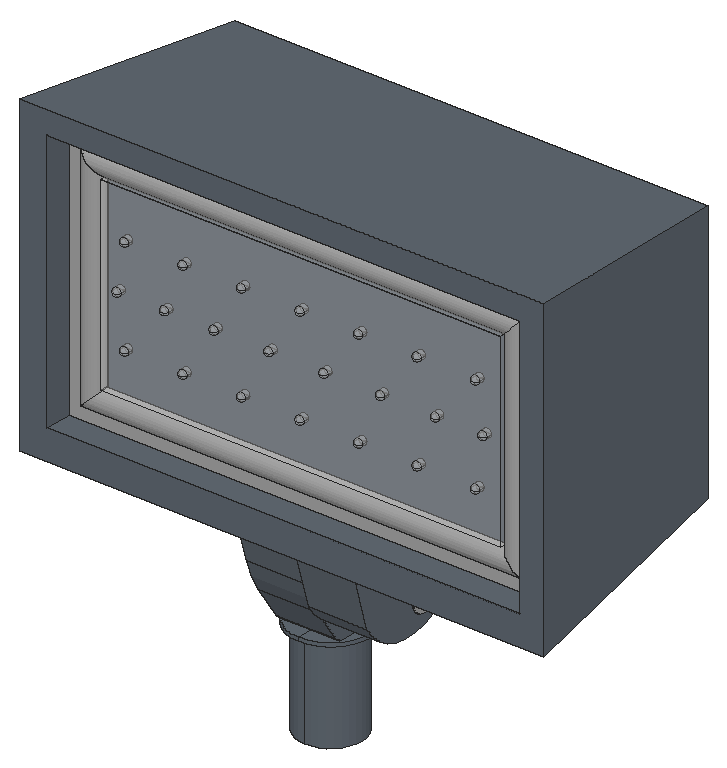
Revit family "RFL1", category Lighting Fixtures, host Face, Revit 2014
Parameters (values of type "RFL1")
  Width 1 = 5.000"
  Width = 11.630"
  Watts = 12.4 W
  Wattage Comments = "12.4W"
  Wattage = 12.4 W
  Warranty = "5 years Warranty"  # constant formula
  built-in parameter 1150110 = 1 (stored number, unit not read)
  Voltage = 120 V
  URL = "https://www.hubbell.com/hubbelllightingci/en"
  built-in parameter 1114217 = 1 (stored number, unit not read)
  Tilt Angle = 0.00°
  built-in parameter 1150109 = 1 (stored number, unit not read)
  built-in parameter 1150134 = 12
  built-in parameter 1150113 = 1 (stored number, unit not read)
  Screw = Metal-Hubbell-Gray
  Reflector Finish = Hubbell - White Glass
  Product Page URL = "https://www.hubbell.com/hubbelllightingci/en/Products/Lighting-Controls/Commercial-Outdoor-Lighting/Flood-Lighting/RFL1-Ratio-Floodlight/p/3236007#prod-photometry-section"
  Product Doucmentation Link = "https://hubbellcdn.com/specsheet/RATIO_FLOOD_RFL1_SPEC.pdf"
  Power Factor = 1
  Photometric Web File = "RFL1-4K.IES"
  Photometric Note = "For more ies file please find the above Photometric Web Link"
  Model = "RFL1"
  Manufacturer = "Hubbell Lighting"  # constant formula
  built-in parameter 1150105 = 101.64 (stored number, unit not read)
  Lumens = 1277.2 lm
  built-in parameter 1150115 = 1 (stored number, unit not read)
  Load Classification = Lighting
  built-in parameter 1150137 = (empty or 0)
  built-in parameter 1150139 = (empty or 0)
  Length = 26.380"
  built-in parameter 1150112 = 1 (stored number, unit not read)
  built-in parameter 1150114 = 1 (stored number, unit not read)
  Lamp = "LED"  # constant formula
  LED_Finish = Glass - Hubbell - White
  LED = RFL1 : RFL1
  built-in parameter 1150132 = (empty or 0)
  built-in parameter 1150102 = (empty or 0)
  built-in parameter 1150107 = 4000 (stored number, unit not read)
  built-in parameter 1150138 = (empty or 0)
  built-in parameter 1150106 = 1.0164 (stored number, unit not read)
  Housing Material = Paint - Hubbell - Carbon Black
  Features = "Lumen range from 2,000 to 4,000 lm\r\n• Color Temperature 3000K, 4000K, 5000K at\r\n70 and 80 CRI\r\n• Yoke and Threaded Knuckle mounting options.\r\n• 6 beam distributions and beam angles\r\nincluding: Narrow 17°x17°, Medium 28°x27°,\r\nMedium Flood 62°x61°, Wide 79°x64°,\r\nHorizontal 54°x22°, and Vertical 22°x54°.\r\n• IP66 sealed optical and driver chamber"  # constant formula
  built-in parameter 1150104 = 9.569 (stored number, unit not read)
  Dimming Lamp Color Temperature Shift = <None>
  Description = "Ultra compact LED flood with a variety of NEMA distributions for lighting applications such as safety/security, accent, flag pole, columns, or signs. The Ratio flood series was designed in cohesion with the site/area products to provide a sleek yet timeless product family to be used throughout a site. Ratio features a dense optical array which provides reduced pixelation and increased visual comfort without compromising performance."  # constant formula
  Default Elevation = 48.000"
  Create Date = "05/31/2019"  # constant formula
  Copyright = "© 2019 HUBBELL LIGHTING"  # constant formula
  Contact = "https://www.hubbell.com/hubbelllightingci/en/contactUs?productId=3236007"
  Connector Description = "Lighting Connector"  # constant formula
  Color Filter = 16777215
  built-in parameter 1114216 [instance] = (empty or 0)
  Certifications = "UL 1598 Standard for Luminaires,IP66 certified."  # constant formula
  built-in parameter 1114218 = 1 (stored number, unit not read)
  built-in parameter 1150133 = 10 (stored number, unit not read)
  Assembly Code = "D5020200"
  Apparent Load = Watts / Power Factor  # 12.4 VA
Reference planes (in)
  plane 1 "Center (Front/Back)": y = 0
  plane 2: z = 0
  plane 3 "Center (Left/Right)": x = 0
  plane 4: z = 5
Forms (in)
  Extrusion 1, solid, material "Paint - Hubbell - Carbon Black"
    sketch origin (0, 0, -1.95312) x (0, 1, 0) y (0, 0, 1)
      loop
        line (-0.34402, 3.12229) -> (-0.14802, 2.84236)
        arc (-0.14802, 2.84236) -> (-0.11318, 2.81181) -> (-0.06818, 2.8008) r 0.09746
        line (-0.06818, 2.8008) -> (0.31699, 2.8008)
        arc (0.31699, 2.8008) -> (0.38593, 2.8259) -> (0.42261, 2.88944) r 0.10726
        line (0.42261, 2.88944) -> (0.47742, 3.20028)
        arc (0.47742, 3.20028) -> (0.48924, 3.39353) -> (0.45729, 3.58449) r 0.85517
        line (0.45729, 3.58449) -> (0.4091, 3.75254)
        arc (0.4091, 3.75254) -> (-0.11642, 4.01915) -> (-0.53552, 3.60489) r 0.5039
        line (-0.53552, 3.60489) -> (-0.47719, 3.40148)
        arc (-0.47719, 3.40148) -> (-0.42221, 3.25635) -> (-0.34402, 3.12229) r 0.9371
    from -0.25 to 0.25
  Revolve 2, solid, material "Paint - Hubbell - Carbon Black" <- "Housing Material"
    sketch origin (0, 0, 0) x (0, 1, 0) y (0, 0, 1)
      loop
        line (0.10822, 0.84768) -> (0.10822, 0) -> (0.37934, 0) -> (0.37934, 0.81668) -> (0.44866, 0.81668) -> (0.44866, 0.84768) -> (0.10822, 0.84768)
      axis (0.10822, 0.84768) -> (0.10822, 0)
    angle from 0 to 360
  Revolve 3, solid, material "Metal-Hubbell-Gray" <- "Screw"
    sketch origin (0, 0, 1.26113) x (1, 0, 0) y (0, 1, 0)
      loop
        line (-0.26448, 0.19804) -> (-0.23348, 0.19804) -> (-0.23348, 0.1667) -> (0.72665, 0.1667) -> (0.72665, 0.19804) -> (0.75805, 0.19804) -> (0.75805, 0.29889) -> (0.719, 0.29889) -> (0.719, 0.26805) -> (-0.219, 0.26805) -> (-0.219, 0.29889) -> (-0.26448, 0.29889) -> (-0.26448, 0.19804)
      axis (-0.26448, 0.1667) -> (0.75805, 0.1667)
    angle from 0 to 360
  Revolve 4, solid, material "Glass - Hubbell - White" <- "LED_Finish"
    sketch origin (0, 0, 3.78125) x (1, 0, 0) y (0, 1, 0)
      loop
        line (-1.00296, -0.78985) -> (-1.00296, -0.87075)
        arc (-1.00296, -0.87075) -> (-0.97758, -0.86024) -> (-0.96707, -0.83486) r 0.03589
        line (-0.96707, -0.83486) -> (-0.96707, -0.78985) -> (-1.00296, -0.78985)
      axis (-1.00296, -0.78985) -> (-1.00296, -0.87075)
    angle from 0 to 360
  Revolve 5, solid, material "Glass - Hubbell - White" <- "LED_Finish"
    sketch origin (3, 0, 3.78125) x (1, 0, 0) y (0, 1, 0)
      loop
        line (-1.00296, -0.78985) -> (-1.00296, -0.87075)
        arc (-1.00296, -0.87075) -> (-0.97758, -0.86024) -> (-0.96707, -0.83486) r 0.03589
        line (-0.96707, -0.83486) -> (-0.96707, -0.78985) -> (-1.00296, -0.78985)
      axis (-1.00296, -0.78985) -> (-1.00296, -0.87075)
    angle from 0 to 360
  Revolve 6, solid, material "Glass - Hubbell - White" <- "LED_Finish"
    sketch origin (0.5, 0, 3.78125) x (1, 0, 0) y (0, 1, 0)
      loop
        line (-1.00296, -0.78985) -> (-1.00296, -0.87075)
        arc (-1.00296, -0.87075) -> (-0.97758, -0.86024) -> (-0.96707, -0.83486) r 0.03589
        line (-0.96707, -0.83486) -> (-0.96707, -0.78985) -> (-1.00296, -0.78985)
      axis (-1.00296, -0.78985) -> (-1.00296, -0.87075)
    angle from 0 to 360
  Revolve 7, solid, material "Glass - Hubbell - White" <- "LED_Finish"
    sketch origin (1, 0, 3.78125) x (1, 0, 0) y (0, 1, 0)
      loop
        line (-1.00296, -0.78985) -> (-1.00296, -0.87075)
        arc (-1.00296, -0.87075) -> (-0.97758, -0.86024) -> (-0.96707, -0.83486) r 0.03589
        line (-0.96707, -0.83486) -> (-0.96707, -0.78985) -> (-1.00296, -0.78985)
      axis (-1.00296, -0.78985) -> (-1.00296, -0.87075)
    angle from 0 to 360
  Revolve 8, solid, material "Glass - Hubbell - White" <- "LED_Finish"
    sketch origin (1.5, 0, 3.78125) x (1, 0, 0) y (0, 1, 0)
      loop
        line (-1.00296, -0.78985) -> (-1.00296, -0.87075)
        arc (-1.00296, -0.87075) -> (-0.97758, -0.86024) -> (-0.96707, -0.83486) r 0.03589
        line (-0.96707, -0.83486) -> (-0.96707, -0.78985) -> (-1.00296, -0.78985)
      axis (-1.00296, -0.78985) -> (-1.00296, -0.87075)
    angle from 0 to 360
  Revolve 9, solid, material "Glass - Hubbell - White" <- "LED_Finish"
    sketch origin (2, 0, 3.78125) x (1, 0, 0) y (0, 1, 0)
      loop
        line (-1.00296, -0.78985) -> (-1.00296, -0.87075)
        arc (-1.00296, -0.87075) -> (-0.97758, -0.86024) -> (-0.96707, -0.83486) r 0.03589
        line (-0.96707, -0.83486) -> (-0.96707, -0.78985) -> (-1.00296, -0.78985)
      axis (-1.00296, -0.78985) -> (-1.00296, -0.87075)
    angle from 0 to 360
  Revolve 10, solid, material "Glass - Hubbell - White" <- "LED_Finish"
    sketch origin (2.5, 0, 3.78125) x (1, 0, 0) y (0, 1, 0)
      loop
        line (-1.00296, -0.78985) -> (-1.00296, -0.87075)
        arc (-1.00296, -0.87075) -> (-0.97758, -0.86024) -> (-0.96707, -0.83486) r 0.03589
        line (-0.96707, -0.83486) -> (-0.96707, -0.78985) -> (-1.00296, -0.78985)
      axis (-1.00296, -0.78985) -> (-1.00296, -0.87075)
    angle from 0 to 360
  Revolve 11, solid, material "Glass - Hubbell - White" <- "LED_Finish"
    sketch origin (0, 0, 2.94723) x (0, -1, 0) y (1, 0, 0)
      loop
        line (0.78985, -1.00296) -> (0.87075, -1.00296)
        arc (0.87075, -1.00296) -> (0.86024, -0.97758) -> (0.83486, -0.96707) r 0.03589
        line (0.83486, -0.96707) -> (0.78985, -0.96707) -> (0.78985, -1.00296)
      axis (0.78985, -1.00296) -> (0.87075, -1.00296)
    angle from 0 to 360
  Revolve 12, solid, material "Glass - Hubbell - White" <- "LED_Finish"
    sketch origin (3, 0, 2.94723) x (0, -1, 0) y (1, 0, 0)
      loop
        line (0.78985, -1.00296) -> (0.87075, -1.00296)
        arc (0.87075, -1.00296) -> (0.86024, -0.97758) -> (0.83486, -0.96707) r 0.03589
        line (0.83486, -0.96707) -> (0.78985, -0.96707) -> (0.78985, -1.00296)
      axis (0.78985, -1.00296) -> (0.87075, -1.00296)
    angle from 0 to 360
  Revolve 13, solid, material "Glass - Hubbell - White" <- "LED_Finish"
    sketch origin (0.5, 0, 2.94723) x (0, -1, 0) y (1, 0, 0)
      loop
        line (0.78985, -1.00296) -> (0.87075, -1.00296)
        arc (0.87075, -1.00296) -> (0.86024, -0.97758) -> (0.83486, -0.96707) r 0.03589
        line (0.83486, -0.96707) -> (0.78985, -0.96707) -> (0.78985, -1.00296)
      axis (0.78985, -1.00296) -> (0.87075, -1.00296)
    angle from 0 to 360
  Revolve 14, solid, material "Glass - Hubbell - White" <- "LED_Finish"
    sketch origin (1, 0, 2.94723) x (0, -1, 0) y (1, 0, 0)
      loop
        line (0.78985, -1.00296) -> (0.87075, -1.00296)
        arc (0.87075, -1.00296) -> (0.86024, -0.97758) -> (0.83486, -0.96707) r 0.03589
        line (0.83486, -0.96707) -> (0.78985, -0.96707) -> (0.78985, -1.00296)
      axis (0.78985, -1.00296) -> (0.87075, -1.00296)
    angle from 0 to 360
  Revolve 15, solid, material "Glass - Hubbell - White" <- "LED_Finish"
    sketch origin (1.5, 0, 2.94723) x (0, -1, 0) y (1, 0, 0)
      loop
        line (0.78985, -1.00296) -> (0.87075, -1.00296)
        arc (0.87075, -1.00296) -> (0.86024, -0.97758) -> (0.83486, -0.96707) r 0.03589
        line (0.83486, -0.96707) -> (0.78985, -0.96707) -> (0.78985, -1.00296)
      axis (0.78985, -1.00296) -> (0.87075, -1.00296)
    angle from 0 to 360
  Revolve 16, solid, material "Glass - Hubbell - White" <- "LED_Finish"
    sketch origin (2, 0, 2.94723) x (0, -1, 0) y (1, 0, 0)
      loop
        line (0.78985, -1.00296) -> (0.87075, -1.00296)
        arc (0.87075, -1.00296) -> (0.86024, -0.97758) -> (0.83486, -0.96707) r 0.03589
        line (0.83486, -0.96707) -> (0.78985, -0.96707) -> (0.78985, -1.00296)
      axis (0.78985, -1.00296) -> (0.87075, -1.00296)
    angle from 0 to 360
  Revolve 17, solid, material "Glass - Hubbell - White" <- "LED_Finish"
    sketch origin (2.5, 0, 2.94723) x (0, -1, 0) y (1, 0, 0)
      loop
        line (0.78985, -1.00296) -> (0.87075, -1.00296)
        arc (0.87075, -1.00296) -> (0.86024, -0.97758) -> (0.83486, -0.96707) r 0.03589
        line (0.83486, -0.96707) -> (0.78985, -0.96707) -> (0.78985, -1.00296)
      axis (0.78985, -1.00296) -> (0.87075, -1.00296)
    angle from 0 to 360
  Revolve 18, solid, material "Glass - Hubbell - White" <- "LED_Finish"
    sketch origin (0.34375, 0, 3.37764) x (1, 0, 0) y (0, 1, 0)
      loop
        line (-1.00296, -0.78985) -> (-1.00296, -0.87075)
        arc (-1.00296, -0.87075) -> (-0.97758, -0.86024) -> (-0.96707, -0.83486) r 0.03589
        line (-0.96707, -0.83486) -> (-0.96707, -0.78985) -> (-1.00296, -0.78985)
      axis (-1.00296, -0.78985) -> (-1.00296, -0.87075)
    angle from 0 to 360
  Revolve 19, solid, material "Glass - Hubbell - White" <- "LED_Finish"
    sketch origin (3.0625, 0, 3.37764) x (1, 0, 0) y (0, 1, 0)
      loop
        line (-1.00296, -0.78985) -> (-1.00296, -0.87075)
        arc (-1.00296, -0.87075) -> (-0.97758, -0.86024) -> (-0.96707, -0.83486) r 0.03589
        line (-0.96707, -0.83486) -> (-0.96707, -0.78985) -> (-1.00296, -0.78985)
      axis (-1.00296, -0.78985) -> (-1.00296, -0.87075)
    angle from 0 to 360
  Revolve 20, solid, material "Glass - Hubbell - White" <- "LED_Finish"
    sketch origin (0.76563, 0, 3.37764) x (1, 0, 0) y (0, 1, 0)
      loop
        line (-1.00296, -0.78985) -> (-1.00296, -0.87075)
        arc (-1.00296, -0.87075) -> (-0.97758, -0.86024) -> (-0.96707, -0.83486) r 0.03589
        line (-0.96707, -0.83486) -> (-0.96707, -0.78985) -> (-1.00296, -0.78985)
      axis (-1.00296, -0.78985) -> (-1.00296, -0.87075)
    angle from 0 to 360
  Revolve 21, solid, material "Glass - Hubbell - White" <- "LED_Finish"
    sketch origin (1.23438, 0, 3.37764) x (1, 0, 0) y (0, 1, 0)
      loop
        line (-1.00296, -0.78985) -> (-1.00296, -0.87075)
        arc (-1.00296, -0.87075) -> (-0.97758, -0.86024) -> (-0.96707, -0.83486) r 0.03589
        line (-0.96707, -0.83486) -> (-0.96707, -0.78985) -> (-1.00296, -0.78985)
      axis (-1.00296, -0.78985) -> (-1.00296, -0.87075)
    angle from 0 to 360
  Revolve 22, solid, material "Glass - Hubbell - White" <- "LED_Finish"
    sketch origin (1.70313, 0, 3.37764) x (1, 0, 0) y (0, 1, 0)
      loop
        line (-1.00296, -0.78985) -> (-1.00296, -0.87075)
        arc (-1.00296, -0.87075) -> (-0.97758, -0.86024) -> (-0.96707, -0.83486) r 0.03589
        line (-0.96707, -0.83486) -> (-0.96707, -0.78985) -> (-1.00296, -0.78985)
      axis (-1.00296, -0.78985) -> (-1.00296, -0.87075)
    angle from 0 to 360
  Revolve 23, solid, material "Glass - Hubbell - White" <- "LED_Finish"
    sketch origin (2.1875, 0, 3.37764) x (1, 0, 0) y (0, 1, 0)
      loop
        line (-1.00296, -0.78985) -> (-1.00296, -0.87075)
        arc (-1.00296, -0.87075) -> (-0.97758, -0.86024) -> (-0.96707, -0.83486) r 0.03589
        line (-0.96707, -0.83486) -> (-0.96707, -0.78985) -> (-1.00296, -0.78985)
      axis (-1.00296, -0.78985) -> (-1.00296, -0.87075)
    angle from 0 to 360
  Revolve 24, solid, material "Glass - Hubbell - White" <- "LED_Finish"
    sketch origin (2.65625, 0, 3.37764) x (1, 0, 0) y (0, 1, 0)
      loop
        line (-1.00296, -0.78985) -> (-1.00296, -0.87075)
        arc (-1.00296, -0.87075) -> (-0.97758, -0.86024) -> (-0.96707, -0.83486) r 0.03589
        line (-0.96707, -0.83486) -> (-0.96707, -0.78985) -> (-1.00296, -0.78985)
      axis (-1.00296, -0.78985) -> (-1.00296, -0.87075)
    angle from 0 to 360
  Revolve 25, solid, material "Glass - Hubbell - White" <- "LED_Finish"
    sketch origin (-0.06329, 0, 3.37764) x (1, 0, 0) y (0, 1, 0)
      loop
        line (-1.00296, -0.78985) -> (-1.00296, -0.87075)
        arc (-1.00296, -0.87075) -> (-0.97758, -0.86024) -> (-0.96707, -0.83486) r 0.03589
        line (-0.96707, -0.83486) -> (-0.96707, -0.78985) -> (-1.00296, -0.78985)
      axis (-1.00296, -0.78985) -> (-1.00296, -0.87075)
    angle from 0 to 360
Dimensions and locks (in)
  plane 4 to plane 2 = 5.000"  (x2)
  aligned and locked: plane 2 to host face
  aligned and locked: level to host face
Nested families (in)
  nested 1: "RFL1" at (0.5, 0.73251, -0.31128) x (-1, 0, 0) z (0, 0, 1), type "RFL1"
Connectors (in)
  electrical at (0, 0.10822, 0), driven by "Voltage", driven by "Apparent Load", driven by "Connector Description", driven by "Load Classification"
    settings: on Revolve 2, index 1, voltage 120 V, apparent load 12.4 VA, apparent load phase1 0 VA, apparent load phase2 0 VA, apparent load phase3 0 VA, power factor 1, load classification "Lighting", number of poles 1, system type 30, power factor state 1, is connector primary yes, connector utility no, sub classification motor no, connector description "Lighting Connector"
Definition of nested family "RFL1"
  Parameters (values of type "RFL1")
    Width = 2.700"
    Length = 4.500"
    LED Base Plate = Glass - Hubbell - White
    LED = Glass - Hubbell - White
    Housing = Paint - Hubbell - Carbon Black
    Depth = 1.350"
    Case = Metal-Hubbell-Gray
    8L = yes
    16L = yes
  Types (2): name | Width | Length | Case | 16L
    KL-8LED | 7.000" | 8.760" | none | no
    RFL1 | 2.700" | 4.500" | Metal-Hubbell-Gray | yes
  Reference planes (in)
    plane 1 "Center (Front/Back)": y = 0
    plane 2: z = 0
    plane 3 "Center (Left/Right)": x = 0
    plane 4: x = 2.25
    plane 5: x = -2.25
    plane 6: y = 1.35
    plane 7: y = -1.35
    plane 8: z = 2.7
    plane 9: z = 5
  Forms (in)
    Extrusion 1, solid, material "Paint - Hubbell - Carbon Black" <- "Housing"
      sketch origin (0, -0.7416, -2.58449) x (0, 0.965926, 0.258819) y (0, -0.258819, 0.965926)
        loop
          arc (0.65874, 4.12703) -> (1.09219, 3.75167) -> (1.60949, 3.999) r 0.52327
          line (1.60949, 3.999) -> (1.59422, 4.81595) -> (0.64348, 4.94398) -> (0.65874, 4.12703)
      from -0.25 to 0.25
    Blend 2, solid, material "Paint - Hubbell - Carbon Black" <- "Housing"
      base sketch origin (0, 0, 2.3125) x (1, 0, 0) y (0, 0, 1)
        loop
          line (-2.21899, 0) -> (2.25, 0) -> (2.25, 2.7) -> (-2.21899, 2.7) -> (-2.21899, 0)
      top sketch origin (0, 0, 2.3125) x (1, 0, 0) y (0, 0, 1)
        loop
          line (-2.01899, 2.5) -> (-2.01899, 0.25729) -> (2.01899, 0.25729) -> (2.01899, 2.5) -> (-2.01899, 2.5)
      from 1.75 to -0.25
    Extrusion 3, void
      sketch origin (0, 0, 0) x (1, 0, 0) y (0, 0, 1)
        loop
          line (-2.01899, 4.8125) -> (-2.01899, 2.56979) -> (2.01899, 2.56979) -> (2.01899, 4.8125) -> (-2.01899, 4.8125)
      from 1.75 to 1.49135
    Sweep 4, solid, material "Metal-Hubbell-Gray" <- "Case"
      path origin (0, 0, 0) x (1, 0, 0) y (0, 0, 1)
        loop
          line (-1.81899, 4.6125) -> (-1.81899, 2.76979) -> (1.81899, 2.76979) -> (1.81899, 4.6125) -> (-1.81899, 4.6125)
      profile origin (0, 0, 4.6125) x (0, 0, 1) y (0, -1, 0)
        loop
          arc (0.0845, 1.52235) -> (-0.02688, 1.5907) -> (-0.11177, 1.49135) r 0.10058
          line (-0.11177, 1.49135) -> (0.19743, 1.49135) -> (0.19743, 1.52235) -> (0.0845, 1.52235)
    Extrusion 5, solid, material "Glass - Hubbell - White" <- "LED Base Plate"
      sketch origin (0, 0, 0) x (1, 0, 0) y (0, 0, 1)
        loop
          line (-1.70723, 4.50073) -> (-1.70723, 2.88155) -> (1.70723, 2.88155) -> (1.70723, 4.50073) -> (-1.70723, 4.50073)
      from 1.56737 to 1.49135
  Cuts and joins
    Extrusion 3 cuts Blend 2
  Dimensions and locks (in)
    "Length": plane 5 to plane 4
    "Width": plane 7 to plane 6
    equal spacing: plane 7, plane 1 "Center (Front/Back)", plane 6
    equal spacing: plane 5, plane 3 "Center (Left/Right)", plane 4
    "Width": plane 8 to plane 2
    plane 4 to plane 5 = 4.500"
    aligned and locked: plane 2 to level
  Automatic sketch dimensions
    Blend 2 sketch curve to plane 4 = 0.000"
    plane 5 to Blend 2 sketch curve = 0.03101"
    level to Blend 2 sketch curve = 2.3125"
    plane 8 to Blend 2 sketch curve = 2.3125"
    plane 5 to Blend 2 sketch curve = 0.23101"
    Blend 2 sketch curve to plane 4 = 0.23101"
    level to Blend 2 sketch curve = 2.56979"
    plane 8 to Blend 2 sketch curve = 2.1125"
    plane 7 to Extrusion 1 sketch curve = 0.04964"
    Extrusion 1 sketch curve to plane 8 = 0.34243"
    Extrusion 1 sketch curve to Extrusion 1 sketch curve = 0.51854"
    Extrusion 1 sketch curve to Extrusion 1 sketch curve = 0.67372"
    Extrusion 1 sketch curve to Extrusion 1 sketch curve = 0.50328"
    Extrusion 1 sketch curve to Extrusion 1 sketch curve = 0.4322"
    Extrusion 1 sketch curve to Extrusion 1 sketch curve = 0.44746"
    Extrusion 1 sketch curve to Extrusion 1 sketch curve = 0.54569"
    Extrusion 1 sketch curve to Extrusion 1 sketch curve = 0.14323"
    plane 5 to Extrusion 3 sketch curve = 0.23101"
    Extrusion 3 sketch curve to plane 4 = 0.23101"
    Extrusion 3 sketch curve to plane 8 = 0.13021"
    Extrusion 3 sketch curve to plane 9 = 0.1875"
    plane 8 to Sweep 4 sketch curve = 0.06979"
    plane 5 to Sweep 4 sketch curve = 0.43101"
    Sweep 4 sketch curve to plane 4 = 0.43101"
    Sweep 4 sketch curve to plane 9 = 0.3875"
    profile plane to Sweep 4 sketch curve = 0.01119"
    Sweep 4 sketch curve to Sweep 4 sketch curve = 0.11293"
    plane 1 "Center (Front/Back)" to Sweep 4 sketch curve = 1.49135"
    Sweep 4 sketch curve to Sweep 4 sketch curve = 0.10058"
    Sweep 4 sketch curve to Sweep 4 sketch curve = 0.031"
    plane 8 to Extrusion 5 sketch curve = 0.18155"
    plane 5 to Extrusion 5 sketch curve = 0.54277"
    Extrusion 5 sketch curve to plane 4 = 0.54277"
    Extrusion 5 sketch curve to plane 9 = 0.49927"
